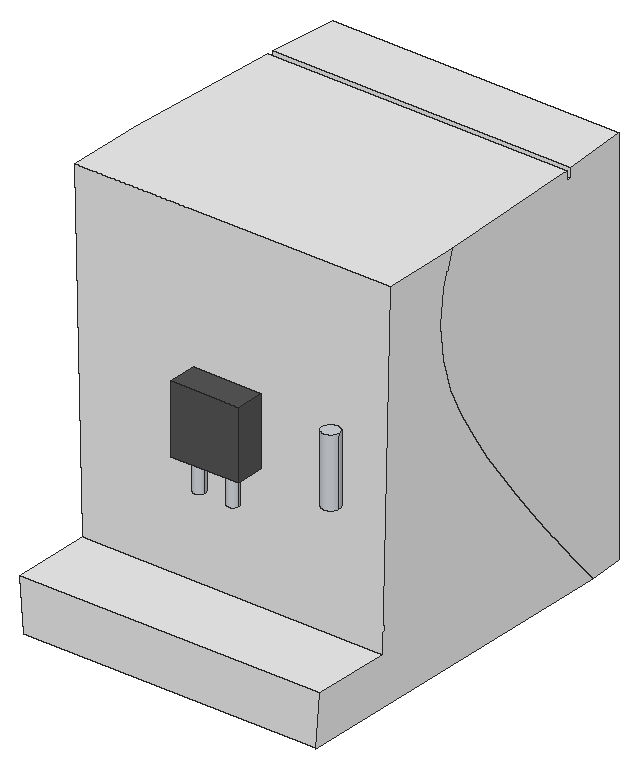
Revit family "Кофемашина", category Оборудование, Revit 2017
Family settings
  Размер круглого соединителя = Использовать диаметр
  Тип детали = Нормальный
  На основе рабочей плоскости = Нет
  Всегда вертикально = Да
  При загрузке вырезать с полостями = Нет
  Общий = Нет
  Точка расчета площади = Нет
Parameters (values of type "Тип")
  Общ_Ширина = 300.0 mm
  Общ_Тип, марка = ""
  Общ_Примечание ЭМ [instance] = ""
  Общ_Примечание КР [instance] = ""
  Общ_Примечание АР [instance] = ""
  Общ_Примечание = ""
  Общ_Поставщик = ""
  Общ_Позиция = ""
  Общ_Напряжение = 220 V
  Общ_Наименование = "Кофемашина"
  Общ_Мощность номинальная = 1500 W
  Общ_Масса = ""
  Общ_Код продукции = ""
  Общ_Задание [instance] = "ЭМ"
  Общ_Единицы измерения = "шт."
  Общ_Глубина = 420.0 mm
  Общ_Высота = 400.0 mm
  Keynote = ""
  Model = ""
Reference planes
  plane 1 "По центру (Вперед/Назад)": y = 0
  plane 2: z = 0
  plane 3 "По центру (Влево/Вправо)": x = 0
Forms (mm)
  Extrusion 1, solid, material "_Kaffemaschine_Silber"
    sketch origin (0, 0, 0) x (1, 0, 0) y (0, 1, 0)
      loop
        line (-150, 175) -> (-150, -165) -> (150, -165) -> (150, 175) -> (-150, 175)
    from 0 to 350
  Extrusion 2, void
    sketch origin (0, 0, 0) x (1, 0, 0) y (0, 0, 1)
      loop
        line (0, 340) -> (0, 360) -> (-160, 360) -> (-160, -15) -> (-128.846, -15) -> (-130, 0)
        arc (-130, 0) -> (-138.899, 169.886) -> (-140.163, 340) r 3788.799
        line (-140.163, 340) -> (0, 340)
    from -221.067 to 250
  Extrusion 3, void
    sketch origin (0, 0, 0) x (1, 0, 0) y (0, 0, 1)
      loop
        line (0, 340) -> (140.163, 340)
        arc (140.163, 340) -> (138.899, 169.886) -> (130, 0) r 3788.799
        line (130, 0) -> (128.846, -15) -> (160, -15) -> (160, 360) -> (0, 360) -> (0, 340)
    from -221.067 to 250
  Extrusion 4, void
    sketch origin (-2, 0, 0) x (1, 0, 0) y (0, 1, 0)
      loop
        line (-125, 175) -> (-125, 210) -> (-160, 210) -> (-160, -175) -> (-140, -175)
        arc (-140, -175) -> (-137.129, 0.198) -> (-125, 175) r 3313.313
    from 0 to 350
  Extrusion 5, void
    sketch origin (2, 0, 0) x (-1, 0, 0) y (0, -1, 0)
      loop
        arc (-125, -175) -> (-137.129, -0.198) -> (-140, 175) r 3313.313
        line (-140, 175) -> (-160, 175) -> (-160, -210) -> (-125, -210) -> (-125, -175)
    from 0 to 350
  Extrusion 6, void
    sketch origin (0, 0, 0) x (1, 0, 0) y (0, 1, 0)
      loop
        line (-144.837, -170) -> (145.163, -170) -> (145.163, -95) -> (-144.837, -95) -> (-144.837, -170)
    from 45 to 350
  Extrusion 7, solid
    sketch origin (0, 0, 0) x (1, 0, 0) y (0, 0, 1)
      loop
        line (-30, 219) -> (-30, 159) -> (30, 159) -> (30, 219) -> (-30, 219)
    from 100.904 to 125.904
  Extrusion 8, void
    sketch origin (0, 5, 0) x (1, 0, 0) y (0, 1, 0)
      loop
        line (170, 105) -> (170, 110) -> (-180, 110) -> (-180, 105) -> (170, 105)
    from 331.901 to 355.406
  Extrusion 9, solid
    sketch origin (0, 0, 0) x (1, 0, 0) y (0, 1, 0)
      loop
        circle (-15, -113.404) r 5
      loop
        circle (15, -113.404) r 5
    from 131.474 to 159
  Extrusion 10, solid
    sketch origin (0, 0, 0) x (1, 0, 0) y (0, 1, 0)
      loop
        circle (99.95, -111.067) r 7.5
    from 159 to 219
Cuts and joins
  Extrusion 2, Extrusion 3, Extrusion 4, Extrusion 5, Extrusion 6, Extrusion 8 cuts Extrusion 1
Lines and regions (mm)
  Split face 1
    outline origin (145.163, -165, 45) x (-1, 0, 0) y (0, -1, 0)
      loop
        line (17.527, -62.421) -> (272.527, -62.421) -> (272.527, -7.421) -> (17.527, -7.421) -> (17.527, -62.421)
Dimensions and locks
  aligned and locked: level to plane 2
